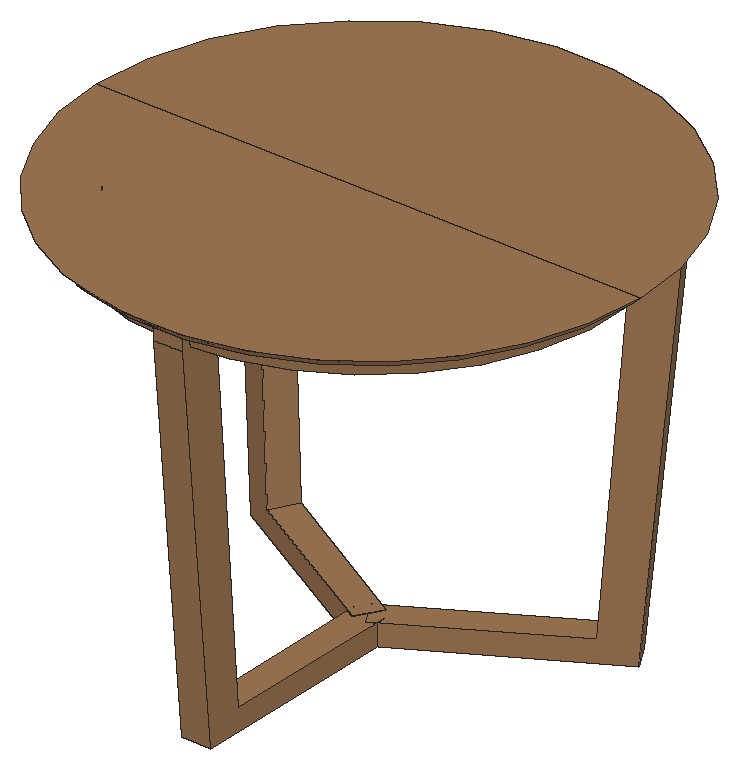
Revit family "FU_Table_Sandler_Trinity 1-4", category Furniture, Revit 2020
Family settings
  OmniClass Number = 23.40.20.00
  OmniClass Title = General Furniture and Specialties
  Work Plane-Based = No
  Always vertical = Yes
  Cut with Voids When Loaded = No
  Shared = No
  Room Calculation Point = No
Parameters (values of type "Trinity 1.4")
  Width = 750 mm
  URL = "https://www.sandlerseating.com/product/trinity-1-4/"
  Model = "Trinity 1.4"
  Manufacturer = "Sandler"
  Height = 550 mm
  Frame [instance] = Wood - Beech - Dark Cherry
  Description = "Wooden side table with circular top and three joining legs, available in multiple heights and sizes."
  Depth = Width  # 750 mm
  Default Elevation = 0 mm
Reference planes
  plane 1 "Center (Front/Back)": y = 0
  plane 2: z = 0
  plane 3 "Center (Left/Right)": x = 0
  plane 4 "Right": x = -375
  plane 5 "Left": x = 375
  plane 6 "Back": y = 375
  plane 7 "Front": y = -375
  plane 8 "Height": z = 550
  plane 9 "Seat height": z = 539.892
Forms (mm)
  Revolve 1, solid, material "Wood - Beech - Dark Cherry" <- "Frame"
    sketch origin (0, 0, 0) x (1, 0, 0) y (0, 0, 1)
      loop
        line (-375, 550) -> (-364.892, 539.892) -> (0, 539.892) -> (0, 550) -> (-375, 550)
      axis (0, 550) -> (0, 539.892)
    angle from 0 to 360
  Extrusion 2, solid, material "Wood - Beech - Dark Cherry" <- "Frame"
    sketch origin (0, 0, 0) x (0, 1, 0) y (0, 0, 1)
      loop
        line (0, 30.03) -> (-251.04, 30.03) -> (-288.861, 510.256) -> (-333.24, 510.256) -> (-338.517, 539.892) -> (-346.229, 539.892) -> (-344.813, 510.184) -> (-296.083, 0) -> (0, 0) -> (0, 30.03)
    from -20 to 20
  Revolve 3, solid, material "Wood - Beech - Dark Cherry" <- "Frame"
    sketch origin (0, 0, 0) x (0, 1, 0) y (0, 0, 1)
      loop
        line (-338.517, 539.892) -> (-333.24, 510.256) -> (-288.861, 510.256) -> (-288.861, 539.892) -> (-338.517, 539.892)
      axis (0, 539.892) -> (0, 510.256)
    angle from 0 to 360
  Extrusion 4, solid, material "Wood - Beech - Dark Cherry" <- "Frame"
    sketch origin (0, 0, 0) x (-0.866025, -0.5, 0) y (0, 0, 1)
      loop
        line (0, 30.03) -> (-251.04, 30.03) -> (-288.861, 510.256) -> (-333.24, 510.256) -> (-338.517, 539.892) -> (-346.229, 539.892) -> (-344.813, 510.184) -> (-296.083, 0) -> (0, 0) -> (0, 30.03)
    from -20 to 20
  Extrusion 5, solid, material "Wood - Beech - Dark Cherry" <- "Frame"
    sketch origin (0, 0, 0) x (0.866025, -0.5, 0) y (0, 0, 1)
      loop
        line (0, 30.03) -> (-251.04, 30.03) -> (-288.861, 510.256) -> (-333.24, 510.256) -> (-338.517, 539.892) -> (-346.229, 539.892) -> (-344.813, 510.184) -> (-296.083, 0) -> (0, 0) -> (0, 30.03)
    from -20 to 20
Dimensions and locks
  equal spacing: plane 4 "Right", plane 3 "Center (Left/Right)", plane 5 "Left"
  "Width": plane 4 "Right" to plane 5 "Left"
  equal spacing: plane 6 "Back", plane 1 "Center (Front/Back)", plane 7 "Front"
  "Depth": plane 6 "Back" to plane 7 "Front"
  "Height": plane 8 "Height" to level
  locked: plane 8 "Height" to plane 9 "Seat height" at 10.108
  aligned and locked: level to plane 2
Automatic sketch dimensions
  plane 4 "Right" to Revolve 1 sketch curve = 0 mm
  Revolve 1 sketch curve to plane 9 "Seat height" = 0 mm
  Revolve 1 sketch curve to plane 3 "Center (Left/Right)" = 0 mm  (x2)
  Revolve 1 sketch curve to plane 8 "Height" = 0 mm
  Revolve 1 sketch curve to plane 4 "Right" = 10.108 mm
  Revolve 1 sketch curve to plane 9 "Seat height" = 9.193 mm
  Revolve 1 sketch curve to Revolve 1 sketch curve = 15 mm
  Extrusion 2 sketch curve to plane 9 "Seat height" = 0 mm
  Extrusion 2 sketch curve to level = 0 mm
  Extrusion 2 sketch curve to plane 1 "Center (Front/Back)" = 0 mm
  level to Extrusion 2 sketch curve = 30.03 mm
  plane 7 "Front" to Extrusion 2 sketch curve = 123.96 mm
  Extrusion 2 sketch curve to plane 9 "Seat height" = 29.637 mm
  plane 7 "Front" to Extrusion 2 sketch curve = 86.139 mm
  Extrusion 2 sketch curve to Extrusion 2 sketch curve = 45.043 mm
  plane 7 "Front" to Extrusion 2 sketch curve = 36.483 mm
  plane 7 "Front" to Extrusion 2 sketch curve = 30.187 mm
  Extrusion 2 sketch curve to Extrusion 2 sketch curve = 7.712 mm
  Extrusion 2 sketch curve to Extrusion 2 sketch curve = 0.072 mm
  Extrusion 2 sketch curve to Extrusion 2 sketch curve = 11.573 mm
  Revolve 3 sketch curve to plane 9 "Seat height" = 0 mm
  Revolve 3 sketch curve to plane 1 "Center (Front/Back)" = 0 mm
  Revolve 3 sketch curve to plane 9 "Seat height" = 29.637 mm
  plane 7 "Front" to Revolve 3 sketch curve = 86.139 mm
  plane 7 "Front" to Revolve 3 sketch curve = 41.76 mm
  Revolve 3 sketch curve to Revolve 3 sketch curve = 5.277 mm
  Revolve 3 sketch curve to plane 9 "Seat height" = 70 mm
  plane 8 "Height" to Revolve 3 sketch curve = 44.892 mm
  plane 9 "Seat height" to Extrusion 4 sketch curve = 0 mm
  level to Extrusion 4 sketch curve = 0 mm
  Extrusion 4 sketch curve to plane 9 "Seat height" = 29.708 mm
  Extrusion 4 sketch curve to Extrusion 4 sketch curve = 1.415 mm
  Extrusion 4 sketch curve to Extrusion 4 sketch curve = 7.712 mm
  Extrusion 4 sketch curve to plane 9 "Seat height" = 29.637 mm
  Extrusion 4 sketch curve to Extrusion 4 sketch curve = 11.573 mm
  Extrusion 4 sketch curve to Extrusion 4 sketch curve = 37.157 mm
  Extrusion 4 sketch curve to Extrusion 4 sketch curve = 44.379 mm
  Extrusion 4 sketch curve to Extrusion 4 sketch curve = 45.043 mm
  level to Extrusion 4 sketch curve = 30.03 mm
  Extrusion 4 sketch curve to Extrusion 4 sketch curve = 251.04 mm
  Extrusion 5 sketch curve to plane 9 "Seat height" = 0 mm
  Extrusion 5 sketch curve to level = 0 mm
  Extrusion 5 sketch curve to plane 9 "Seat height" = 29.708 mm
  Extrusion 5 sketch curve to Extrusion 5 sketch curve = 1.415 mm
  Extrusion 5 sketch curve to Extrusion 5 sketch curve = 7.712 mm
  Extrusion 5 sketch curve to plane 9 "Seat height" = 29.637 mm
  Extrusion 5 sketch curve to Extrusion 5 sketch curve = 11.573 mm
  Extrusion 5 sketch curve to Extrusion 5 sketch curve = 37.157 mm
  Extrusion 5 sketch curve to Extrusion 5 sketch curve = 44.379 mm
  Extrusion 5 sketch curve to Extrusion 5 sketch curve = 45.043 mm
  level to Extrusion 5 sketch curve = 30.03 mm
  Extrusion 5 sketch curve to Extrusion 5 sketch curve = 251.04 mm
